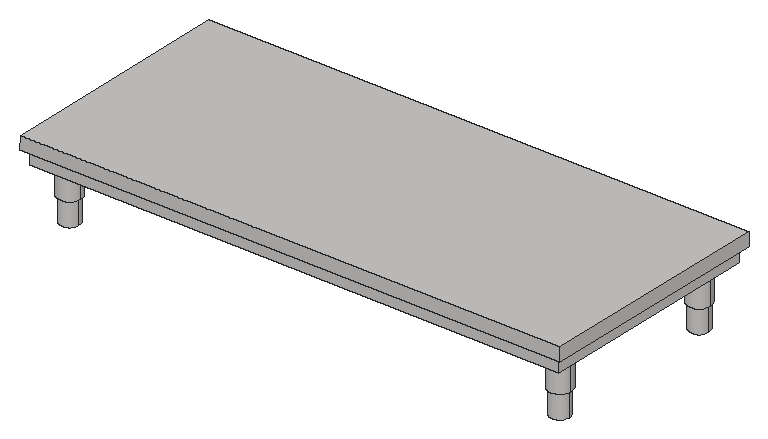
Revit family "QF_BOURGEAT_Self_base_presentoir_double_h240", category Equipement spécialisé, Revit 2015
Parameters
  roues = no
  pieds = yes
  URL catalogue = "http://www.bourgeat.fr"
  Type article = ""
  Spécification du Fabricant = "OASIS"
  Profondeur hors tout = 690 mm
  Modèle = "854082"
  Longueur hors tout = 1582 mm
  Hauteur hors tout = 240 mm
  Fabricant = "BOURGEAT"
  Contact SAV = "0033(0)4.76.32.14.44"
Reference planes
  plane 1 "Centre (avant/arrière)": y = 0
  plane 2: z = 0
  plane 3 "Centre (gauche/droite)": x = 0
  plane 4: y = 345
  plane 5: y = -345
  plane 6: x = 791
  plane 7: x = -791
  plane 8: x = -775
  plane 9: y = -329
  plane 10: x = 775
  plane 11: y = 329
  plane 12: z = 160
  plane 13: z = 201
  plane 14: z = 240
  plane 15: x = -718.7
  plane 16: x = 719
  plane 17: y = 255
  plane 18: y = -255
Forms (mm)
  Extrusion 1, solid, material "Acier inoxydable, brossé"
    sketch origin (0, 0, 0) x (1, 0, 0) y (0, 1, 0)
      loop
        line (-791, 345) -> (-791, -345) -> (791, -345) -> (791, 345) -> (-791, 345)
    from 201 to 240
  Extrusion 2, solid, material "Acier inoxydable, brossé"
    sketch origin (0, 0, 0) x (1, 0, 0) y (0, 1, 0)
      loop
        line (-775, 329) -> (-775, -329) -> (775, -329) -> (775, 329) -> (-775, 329)
    from 160 to 201
Dimensions and locks
  locked: plane 7 to plane 6 at 1582
  locked: plane 7 to plane 8 at 16
  locked: plane 10 to plane 6 at 16
  plane 16 to plane 10 = 56 mm
  locked: plane 8 to plane 15 at 56.3
  aligned and locked: level to plane 2
  aligned and locked: Extrusion 1 sketch curve to plane 4
  aligned and locked: Extrusion 1 sketch curve to plane 7
  aligned and locked: Extrusion 1 sketch curve to plane 5
  aligned and locked: Extrusion 1 sketch curve to plane 6
  aligned and locked: Extrusion 1 to plane 14
  aligned and locked: Extrusion 1 to plane 13
  aligned and locked: Extrusion 2 sketch curve to plane 11
  aligned and locked: plane 8 to Extrusion 2 sketch curve
  aligned and locked: Extrusion 2 sketch curve to plane 9
  aligned and locked: Extrusion 2 sketch curve to plane 10
  aligned and locked: Extrusion 2 to Extrusion 1
  aligned and locked: Extrusion 2 to plane 12
  aligned and locked: plane 15 to nested 1
  aligned and locked: plane 15 to nested 4
  aligned and locked: nested 2 to plane 16
  aligned and locked: nested 3 to plane 16
  aligned and locked: plane 15 to nested 5
  aligned and locked: nested 5 to plane 17
  aligned and locked: nested 6 to plane 18
  aligned and locked: plane 15 to nested 6
  aligned and locked: plane 17 to nested 8
  aligned and locked: nested 8 to plane 16
  aligned and locked: nested 7 to plane 18
  aligned and locked: nested 7 to plane 16
Nested families
  nested 1: "pied" at (-718.7, 255, 0), visible <- "pieds", type "pied"
  nested 2: "pied" at (719, 255, 0), visible <- "pieds", type "pied"
  nested 3: "pied" at (719, -255, 0), visible <- "pieds", type "pied"
  nested 4: "pied" at (-718.7, -255, 0), visible <- "pieds", type "pied"
  nested 5: "roue_ht160" at (-718.7, 255, 0), visible <- "roues", type "roue_ht160"
    with Sans frein yes, Avec frein yes
  nested 6: "roue_ht160" at (-718.7, -255, 0), visible <- "roues", type "roue_ht160"
    with Sans frein yes, Avec frein yes
  nested 7: "roue_ht160" at (719, -255, 0), visible <- "roues", type "roue_ht160"
    with Sans frein yes, Avec frein yes
  nested 8: "roue_ht160" at (719, 255, 0), visible <- "roues", type "roue_ht160"
    with Sans frein yes, Avec frein yes
Definition of nested family "pied"
  Reference planes
    plane 1 "Centre (avant/arrière)": y = 0
    plane 2: z = 0
    plane 3 "Centre (gauche/droite)": x = 0
  Forms (mm)
    Revolve 1, solid
      sketch origin (0, 0, 0) x (1, 0, 0) y (0, 0, 1)
        loop
          line (0, 160) -> (-33, 160) -> (-33, 70) -> (-28, 70) -> (-28, 0) -> (0, 0) -> (0, 160)
        axis (0, 160) -> (0, 0)
      angle from 0 to 360
  Dimensions and locks
    plane 3 "Centre (gauche/droite)" to Revolve 1 sketch curve = 28 mm
    Revolve 1 sketch curve to plane 3 "Centre (gauche/droite)" = 33 mm
    Revolve 1 sketch curve to plane 2 = 70 mm
    Revolve 1 sketch curve to Revolve 1 sketch curve = 90 mm
    aligned and locked: level to plane 2
Definition of nested family "roue_ht160"
  Parameters (values of type "roue_ht160")
    Sans frein [instance] = yes
    Avec frein [instance] = yes
  Reference planes
    plane 1 "Centre (avant/arrière)": y = 0
    plane 2: z = 0
    plane 3 "Centre (gauche/droite)": x = 0
    plane 4: y = 40.851
    plane 5: z = 62.5
  Forms (mm)
    Extrusion 1, solid
      sketch origin (0, 0, 0) x (0, 1, 0) y (0, 0, 1)
        loop
          circle (40.851, 62.5) r 62.5
        loop
          circle (40.851, 62.5) r 57.5
      from -12.5 to 12.5
    Revolve 2, solid
      sketch origin (0, 0, 0) x (0, 1, 0) y (0, 0, 1)
        loop
          line (0, 160.21) -> (-20.149, 160.21) -> (-20.149, 159.41) -> (-21.6, 159.41)
          arc (-21.6, 159.41) -> (-24.448, 158.65) -> (-26.537, 156.572) r 5.712
          line (-26.537, 156.572) -> (-30.146, 147.743) -> (-26.999, 147.062) -> (-26.999, 146.112)
          arc (-26.999, 146.112) -> (-27.23, 145.314) -> (-27.849, 144.761) r 1.5
          arc (-27.849, 144.761) -> (-29.223, 143.633) -> (-29.923, 142) r 3.75
          line (-29.923, 142) -> (0, 142) -> (0, 160.21)
        axis (0, 160.21) -> (0, 142)
      angle from 0 to 360
    Extrusion 3, solid
      sketch origin (0, 0, 0) x (0, 1, 0) y (0, 0, -1)
        loop
          line (-29.974, -138.241) -> (-29.974, -142) -> (21.747, -142) -> (21.747, -60.336)
          arc (21.747, -60.336) -> (10.272, -70.702) -> (-0.149, -82.127) r 160.057
          arc (-0.149, -82.127) -> (-17.883, -108.684) -> (-29.974, -138.241) r 159.585
      from -24.913 to -23.038
    Extrusion 4, solid
      sketch origin (0, 0, 0) x (0, 1, 0) y (0, 0, 1)
        loop
          line (-29.974, 142) -> (-29.974, 140.869) -> (21.747, 140.869) -> (21.747, 142) -> (-29.974, 142)
      from -23.038 to 23.038
    Extrusion 5, solid
      sketch origin (0, 0, 0) x (0, 1, 0) y (0, 0, 1)
        loop
          circle (40.851, 62.5) r 57.5
        loop
          circle (40.851, 62.5) r 55
      from -12.5 to 12.5
    Extrusion 6, solid
      sketch origin (0, 0, 0) x (0, 1, 0) y (0, 0, 1)
        loop
          circle (40.851, 62.5) r 55
      from -7 to 7
    Extrusion 7, solid
      sketch origin (0, 0, 0) x (0, 1, 0) y (0, 0, 1)
        loop
          circle (40.851, 62.5) r 21
      from 7 to 15
    Extrusion 8, solid
      sketch origin (0, 0, 0) x (0, 1, 0) y (0, 0, -1)
        loop
          circle (40.851, -62.5) r 16
      from -23.038 to -15
    Extrusion 9, solid, visible <- "Sans frein"
      sketch origin (0, 0, 0) x (0, 1, 0) y (0, 0, 1)
        loop
          arc (21.747, 60.336) -> (23.188, 59.17) -> (24.642, 58.02) r 161.23
          arc (24.642, 58.02) -> (29.34, 54.513) -> (34.187, 51.216) r 133.333
          arc (34.187, 51.216) -> (46.517, 50.3) -> (53.927, 60.198) r 12.867
          arc (53.927, 60.198) -> (54.714, 99.183) -> (46.119, 137.216) r 161.222
          arc (46.119, 137.216) -> (45.679, 138.887) -> (45.531, 140.609) r 10.076
          line (45.531, 140.609) -> (45.531, 142) -> (21.747, 142) -> (21.747, 60.336)
      from 23.038 to 24.913
    Extrusion 10, solid, visible <- "Sans frein"
      sketch origin (0, 0, 0) x (0, 1, 0) y (0, 0, 1)
        loop
          line (21.747, 142) -> (21.747, 140.701) -> (48.851, 140.701) -> (48.851, 142) -> (21.747, 142)
      from -23.038 to 23.038
    Extrusion 11, solid, visible <- "Avec frein"
      sketch origin (0, 0, 0) x (0, 1, 0) y (0, 0, 1)
        loop
          line (21.747, 142) -> (21.747, 60.336)
          arc (21.747, 60.336) -> (23.177, 59.179) -> (24.62, 58.038) r 160.008
          arc (24.62, 58.038) -> (29.041, 54.705) -> (33.574, 51.527) r 160
          arc (33.574, 51.527) -> (46.135, 50.422) -> (53.724, 60.491) r 13
          arc (53.724, 60.491) -> (55.279, 82.092) -> (53.902, 103.704) r 160
          arc (53.902, 103.704) -> (55.53, 108.653) -> (60.415, 110.463) r 6
          arc (60.415, 110.463) -> (80.625, 109.924) -> (100.725, 112.107) r 150
          arc (100.725, 112.107) -> (104.408, 113.406) -> (107.479, 115.819) r 12
          line (107.479, 115.819) -> (110.851, 121.523)
          arc (110.851, 121.523) -> (85.913, 134.651) -> (58.706, 142) r 127.902
          line (58.706, 142) -> (21.747, 142)
      from 23.038 to 24.913
    Extrusion 12, solid, visible <- "Avec frein"
      sketch origin (0, 0, 0) x (0, 1, 0) y (0, 0, 1)
        loop
          line (58.706, 142) -> (21.747, 142) -> (21.747, 140) -> (58.552, 140)
          arc (58.552, 140) -> (85.253, 132.762) -> (109.73, 119.866) r 125.902
          line (109.73, 119.866) -> (110.851, 121.523)
          arc (110.851, 121.523) -> (85.913, 134.651) -> (58.706, 142) r 127.902
      from -23.038 to 23.038
    Extrusion 13, solid, visible <- "Avec frein"
      sketch origin (0, 19.896, 18.175) x (0, 1, 0) y (0, 0, 1)
        loop
          line (87.583, 97.644) -> (91.829, 95.227)
          arc (91.829, 95.227) -> (93.8, 95.006) -> (95.312, 96.29) r 2.5
          arc (95.312, 96.29) -> (103.495, 100.002) -> (111.176, 104.666) r 74.999
          line (111.176, 104.666) -> (110.852, 105.929)
          arc (110.852, 105.929) -> (110.04, 107.086) -> (108.666, 107.417) r 2
          arc (108.666, 107.417) -> (101.396, 105.849) -> (94.512, 103.034) r 42.354
          line (94.512, 103.034) -> (93.479, 101.228) -> (93.285, 100.414) -> (91.69, 101.675) -> (90.401, 102.412) -> (87.583, 97.644)
      from -23.038 to 23.038
    Extrusion 14, solid, not visible
      sketch origin (0, 0, 0) x (0, 1, 0) y (0, 0, -1)
        loop
          line (-29.974, -138.241) -> (-29.974, -142) -> (21.747, -142) -> (21.747, -60.336)
          arc (21.747, -60.336) -> (10.272, -70.702) -> (-0.149, -82.127) r 160.057
          arc (-0.149, -82.127) -> (-17.883, -108.684) -> (-29.974, -138.241) r 159.585
      from -24.913 to -23.038
    Extrusion 15, solid, not visible
      sketch origin (0, 0, 0) x (0, 1, 0) y (0, 0, 1)
        loop
          circle (40.851, 62.5) r 21
      from 7 to 15
    Extrusion 16, solid, not visible
      sketch origin (0, 0, 0) x (0, 1, 0) y (0, 0, -1)
        loop
          circle (40.851, -62.5) r 16
      from -23.038 to -15
    Extrusion 17, solid, visible <- "Sans frein", not visible
      sketch origin (0, 0, 0) x (0, 1, 0) y (0, 0, 1)
        loop
          arc (21.747, 60.336) -> (23.188, 59.17) -> (24.642, 58.02) r 161.23
          arc (24.642, 58.02) -> (29.34, 54.513) -> (34.187, 51.216) r 133.333
          arc (34.187, 51.216) -> (46.517, 50.3) -> (53.927, 60.198) r 12.867
          arc (53.927, 60.198) -> (54.714, 99.183) -> (46.119, 137.216) r 161.222
          arc (46.119, 137.216) -> (45.679, 138.887) -> (45.531, 140.609) r 10.076
          line (45.531, 140.609) -> (45.531, 142) -> (21.747, 142) -> (21.747, 60.336)
      from 23.038 to 24.913
    Extrusion 18, solid, visible <- "Avec frein", not visible
      sketch origin (0, 0, 0) x (0, 1, 0) y (0, 0, 1)
        loop
          line (21.747, 142) -> (21.747, 60.336)
          arc (21.747, 60.336) -> (23.177, 59.179) -> (24.62, 58.038) r 160.008
          arc (24.62, 58.038) -> (29.041, 54.705) -> (33.574, 51.527) r 160
          arc (33.574, 51.527) -> (46.135, 50.422) -> (53.724, 60.491) r 13
          arc (53.724, 60.491) -> (55.279, 82.092) -> (53.902, 103.704) r 160
          arc (53.902, 103.704) -> (55.53, 108.653) -> (60.415, 110.463) r 6
          arc (60.415, 110.463) -> (80.625, 109.924) -> (100.725, 112.107) r 150
          arc (100.725, 112.107) -> (104.408, 113.406) -> (107.479, 115.819) r 12
          line (107.479, 115.819) -> (110.851, 121.523)
          arc (110.851, 121.523) -> (85.913, 134.651) -> (58.706, 142) r 127.902
          line (58.706, 142) -> (21.747, 142)
      from 23.038 to 24.913
    Extrusion 19, solid
      sketch origin (0, 0, 0) x (0, -1, 0) y (0, 0, -1)
        loop
          arc (29.974, -138.241) -> (17.883, -108.684) -> (0.149, -82.127) r 159.585
          arc (0.149, -82.127) -> (-10.272, -70.702) -> (-21.747, -60.336) r 160.057
          line (-21.747, -60.336) -> (-21.747, -142) -> (29.974, -142) -> (29.974, -138.241)
      from -24.913 to -23.038
    Extrusion 20, solid
      sketch origin (0, 0, 0) x (0, -1, 0) y (0, 0, 1)
        loop
          circle (-40.851, 62.5) r 21
      from 7 to 15
    Extrusion 21, solid
      sketch origin (0, 0, 0) x (0, -1, 0) y (0, 0, -1)
        loop
          circle (-40.851, -62.5) r 16
      from -23.038 to -15
    Extrusion 22, solid, visible <- "Sans frein"
      sketch origin (0, 0, 0) x (0, -1, 0) y (0, 0, 1)
        loop
          line (-21.747, 60.336) -> (-21.747, 142) -> (-45.531, 142) -> (-45.531, 140.609)
          arc (-45.531, 140.609) -> (-45.679, 138.887) -> (-46.119, 137.216) r 10.076
          arc (-46.119, 137.216) -> (-54.714, 99.183) -> (-53.927, 60.198) r 161.222
          arc (-53.927, 60.198) -> (-46.517, 50.3) -> (-34.187, 51.216) r 12.867
          arc (-34.187, 51.216) -> (-29.34, 54.513) -> (-24.642, 58.02) r 133.333
          arc (-24.642, 58.02) -> (-23.188, 59.17) -> (-21.747, 60.336) r 161.23
      from 23.038 to 24.913
    Extrusion 23, solid, visible <- "Avec frein"
      sketch origin (0, 0, 0) x (0, -1, 0) y (0, 0, 1)
        loop
          line (-21.747, 142) -> (-58.706, 142)
          arc (-58.706, 142) -> (-85.913, 134.651) -> (-110.851, 121.523) r 127.902
          line (-110.851, 121.523) -> (-107.479, 115.819)
          arc (-107.479, 115.819) -> (-104.408, 113.406) -> (-100.725, 112.107) r 12
          arc (-100.725, 112.107) -> (-80.625, 109.924) -> (-60.415, 110.463) r 150
          arc (-60.415, 110.463) -> (-55.53, 108.653) -> (-53.902, 103.704) r 6
          arc (-53.902, 103.704) -> (-55.279, 82.092) -> (-53.724, 60.491) r 160
          arc (-53.724, 60.491) -> (-46.135, 50.422) -> (-33.574, 51.527) r 13
          arc (-33.574, 51.527) -> (-29.041, 54.705) -> (-24.62, 58.038) r 160
          arc (-24.62, 58.038) -> (-23.177, 59.179) -> (-21.747, 60.336) r 160.008
          line (-21.747, 60.336) -> (-21.747, 142)
      from 23.038 to 24.913
  Dimensions and locks
    aligned and locked: level to plane 2
